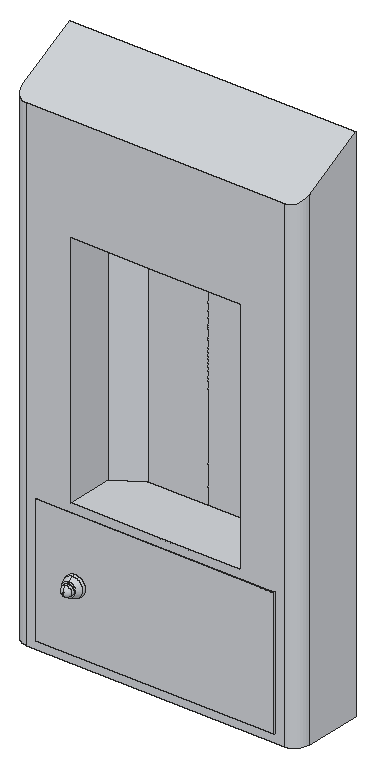
Revit family "Bottle_Filler-Willoughby-WBF-1SM", category Plumbing Fixtures, Revit 2015
Parameters
  URL = "https://www.willoughby-ind.com/wp-content/uploads/2020/05/WBF-1SM.pdf"
  Revision = "A"
  Model = "WBF-1SM"
  Manufacturer = "Willoughby Industries"
  Description = "Surface Mounted Heavy Duty Bottle Filler"
  Contact Info. = "(800) 428-4065"
Reference planes (in)
  plane 1 "Center (Front/Back)": y = 0
  plane 2: z = 0
  plane 3 "Center (Left/Right)": x = 0
Forms (in)
  Extrusion 1, solid
    sketch origin (0, 0, 0) x (0, 1, 0) y (0, 0, 1)
      loop
        line (0, 4) -> (0, 37) -> (-4.5, 34.60731) -> (-4.5, 4) -> (0, 4)
    from -9 to 9
  Extrusion 2, void
    sketch origin (0, 0, 0) x (1, 0, 0) y (0, 1, 0)
      loop
        line (0, -0.422) -> (-3.75, -0.422) -> (-5.375, -1.55984) -> (-5.375, -4.5) -> (0, -4.5) -> (5.375, -4.5) -> (5.375, -1.55984) -> (3.75, -0.422) -> (0, -0.422)
    from 13 to 28
  Extrusion 3, void
    sketch origin (0, 0, 0) x (1, 0, 0) y (0, 1, 0)
      loop
        line (9, -4.5) -> (9, -3.625)
        arc (9, -3.625) -> (8.74372, -4.24372) -> (8.125, -4.5) r 0.875
        line (8.125, -4.5) -> (9, -4.5)
      loop
        line (-9, -4.5) -> (-8.125, -4.5)
        arc (-8.125, -4.5) -> (-8.74372, -4.24372) -> (-9, -3.625) r 0.875
        line (-9, -3.625) -> (-9, -4.5)
    from 0 to 36
  Revolve 4, solid
    sketch origin (0, 0, 0) x (0, 1, 0) y (0, 0, 1)
      loop
        line (-2.5, 28) -> (-3.5, 28)
        arc (-3.5, 28) -> (-3.20711, 27.29289) -> (-2.5, 27) r 1
        line (-2.5, 27) -> (-2.5, 28)
      axis (-2.5, 28) -> (-2.5, 27)
    angle from 0 to 360
  Extrusion 5, solid
    sketch origin (0, 0, 0) x (1, 0, 0) y (0, 0, 1)
      loop
        circle (0, 10) r 0.75
      loop
        circle (2, 10) r 0.25
    from -0.125 to 0.125
  Extrusion 6, solid
    sketch origin (0, 0, 0) x (1, 0, 0) y (0, 0, 1)
      loop
        line (-7.5, 4.5) -> (7.5, 4.5) -> (7.5, 12.5) -> (-7.5, 12.5) -> (-7.5, 4.5)
    from 4.5 to 4.57422
  Revolve 7, solid
    sketch origin (-5, 0, 0) x (0, 1, 0) y (0, 0, 1)
      loop
        line (-4.57422, 8.5) -> (-5.49122, 8.5) -> (-5.49122, 8.443)
        arc (-5.49122, 8.443) -> (-5.43258, 8.28225) -> (-5.28422, 8.197) r 0.24967
        line (-5.28422, 8.197) -> (-5.12422, 8.169) -> (-5.12422, 8.112)
        arc (-5.12422, 8.112) -> (-5.11617, 8.08487) -> (-5.09422, 8.067) r 0.04795
        line (-5.09422, 8.067) -> (-4.74722, 7.912)
        arc (-4.74722, 7.912) -> (-4.66413, 7.87756) -> (-4.57422, 7.88) r 0.21569
        line (-4.57422, 7.88) -> (-4.57422, 8.5)
      axis (-4.57422, 8.5) -> (-5.49122, 8.5)
    angle from 0 to 360
Cuts and joins
  Extrusion 2, Extrusion 3 cuts Extrusion 1
Dimensions and locks (in)
  aligned and locked: level to plane 2
  aligned and locked: Revolve 4 sketch curve to Revolve 4 sketch curve  (x2)
  aligned and locked: Revolve 7 sketch curve to Revolve 7 sketch curve  (x2)
Connectors (in)
  piping at (0, 0.125, 10), diameter 1.5
    settings: on Extrusion 5, index 1, connector inside diameter 24", connector length 0' - 0", flow factor 0, pipe flow 0 GPM, pressure drop 0.00 psi, fitting loss kfactor 0, connector angle 0.00°, fixture units 0, engagement length 0' - 0", angle of deflection 0.00°, flow configuration 0, flow direction 0, fitting loss method 0, system type 22, joint type 0, gender type 0, connector reference index -1, connector utility 0, adjustable connector no, is connector primary yes, connector description ""
  piping at (2, 0.125, 10), diameter 0.5
    settings: on Extrusion 5, index 2, connector inside diameter 24", connector length 0' - 0", flow factor 0, pipe flow 0 GPM, pressure drop 0.00 psi, fitting loss kfactor 0, connector angle 0.00°, fixture units 0, engagement length 0' - 0", angle of deflection 0.00°, flow configuration 0, flow direction 0, fitting loss method 0, system type 20, joint type 0, gender type 0, connector reference index -1, connector utility 0, adjustable connector no, is connector primary no, connector description ""
